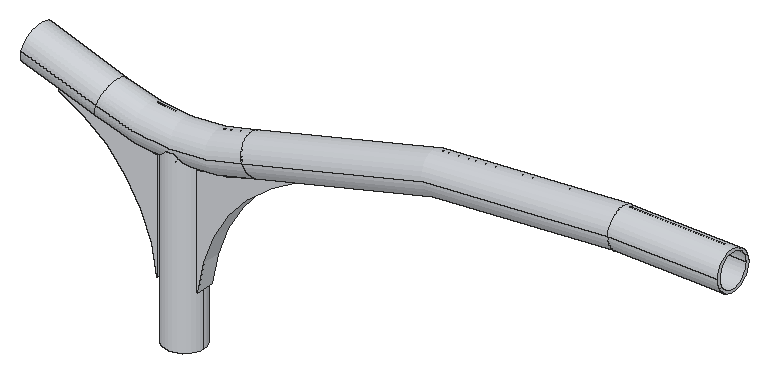
Revit family "Lighting-StreetLighting-GEWISS-STREET[O3]-SINGLE_HEAD_BRACKET", category Apparecchi per illuminazione, Revit 2019
Family settings
  Quota connettore circolare = Usa diametro
  Tipo di parte = Normale
  Numero OmniClass = 23.80.00.00
  Titolo OmniClass = Electric Power and Lighting
  Basato su piano di lavoro = Sì
  Sempre verticale = No
  Taglio con vuoti quando caricato = No
  Sorgente d'illuminazione = No
  Condiviso = No
  Punto di calcolo locali = No
Parameters (values of type "GW87581 - Galvanised steel - Grey - Single")
  Weight (kg): = "8"
  Weight (kg) = "8"
  Version file RFA = "20.11"
  URL = "https://www.gewiss.com/ww/en"
  Tubolare = none
  Technical sheet = "https://www.gewiss.com/ww/en/search?q=GW87581"
  Supporti = none
  SIMBOLO [instance] = yes
  SEO = "Bracket"
  Realized by GEWISS S.p.A. = ""
  Default Elevation = 1219.2 mm
  Produttore = "GEWISS S.p.A."
  Modello = "GW87581"
  Material = "Galvanised steel"
  Length = "1 m"
  L_staffa = 120 mm
  Immagine tipo = GW87581.jpg
  IFC.TypeObject = ""
  IFC.ExportType = ""
  IFC.ExportAs = ""
  IDT = "92612c42-9c0e-491e-a234-09077f2a4f14"
  IDF = "2fe635a5-cec3-4f8c-9283-e615bd95f4cd"
  Electrocod = "240"
  EAN code = "8011564783034"
  Dimensions (mm) = "Ø 60mm"
  Dimension = "Ø 60mm"
  Descrizione = "STREET SINGLE POLE HEAD BRACKET GR. GREY"
  Description: = "Single pole head bracket"
  Colour = "Graphite grey"
  Catalogue Range = "STREET [O3]"
  Catalogue = "LIGHTING"
  COBie.Tagnumber = ""
  COBie.CreatedOn = ""
  COBie.CreatebBy = ""
  COBie.ComponentRegisterItemID = ""
  COBie.Component.TagNumber = ""
  COBie.Component.Space = ""
  COBie.Component.SerialNumber = ""
  COBie.Component.InstallationDate = ""
  COBie.Component.Description = ""
  COBie.Component.BarCode = ""
  BIDIMENSIONALE [instance] = not(SIMBOLO)  # no
  Altezza da terra testa staffa = 821.938 mm
Reference planes
  plane 1 "Centro (Fronte/Retro)": y = 0
  plane 2: z = 0
  plane 3 "Centro (Sinistra/Destra)": x = 0
Forms (mm)
  Sweep 1, solid, material <- "Tubolare"
    path origin (0, 0, -775.338) x (1, 0, 0) y (0, 0, 1)
      loop
        line (1000, 1242.308) -> (800, 1242.308)
        arc (800, 1242.308) -> (461.796, 1213.505) -> (133.333, 1127.926) r 2000
        arc (133.333, 1127.926) -> (0, 1105.049) -> (-133.333, 1127.926) r 400
        arc (-133.333, 1127.926) -> (-201.283, 1150.589) -> (-270, 1170.805) r 2000
    profile origin (-201.283, 0, 375.251) x (-0.299359, 0, -0.954141) y (0, -1, 0)
      loop
        circle (0, 0) r 35
      loop
        circle (0, 0) r 31
  Sweep 2, solid, material <- "Tubolare"
    path origin (0, 0, -775.338) x (1, 0, 0) y (0, 0, 1)
      loop
        line (0, 1099.248) -> (0, 775.338)
    profile origin (0, 0, 161.955) x (0, -1, 0) y (1, 0, 0)
      loop
        circle (0, 0) r 35
      loop
        circle (0, 0) r 31
  Extrusion 3, solid, material <- "Supporti"
    sketch origin (0, 0, -775.338) x (1, 0, 0) y (0, 0, 1)
      loop
        arc (-143.667, 1098.699) -> (-178.509, 1110.652) -> (-213.569, 1121.951) r 1969
        line (-213.569, 1121.951) -> (-215.96, 1116.424)
        arc (-215.96, 1116.424) -> (-94.15, 1019.88) -> (-37, 875.338) r 300
        line (-37, 875.338) -> (-35, 875.338) -> (-35, 1075.473)
        arc (-35, 1075.473) -> (-90.085, 1083.569) -> (-143.667, 1098.699) r 431
      loop
        line (35, 1075.473) -> (35, 875.338) -> (37, 875.338)
        arc (37, 875.338) -> (94.15, 1019.88) -> (215.96, 1116.424) r 300
        line (215.96, 1116.424) -> (213.569, 1121.951)
        arc (213.569, 1121.951) -> (178.509, 1110.652) -> (143.667, 1098.699) r 1969
        arc (143.667, 1098.699) -> (90.085, 1083.569) -> (35, 1075.473) r 431
    from -16.126 to 16.209
Lines and regions (mm)
  Masking region 1
    outline origin (0, 0, -775.338) x (1, 0, 0) y (0, 0, 1)
      loop
        line (-35, 775.338) -> (35, 775.338) -> (35, 841.068)
        arc (35, 841.068) -> (84.314, 1005.806) -> (215.96, 1116.424) r 300
        arc (215.96, 1116.424) -> (489.277, 1184.436) -> (770, 1207.308) r 1734.187
        line (770, 1207.308) -> (1000, 1207.308) -> (1000, 1277.308) -> (769.834, 1277.308)
        arc (769.834, 1277.308) -> (447.097, 1246.76) -> (133.376, 1165.083) r 2024.176
        arc (133.376, 1165.083) -> (0.876, 1139.56) -> (-131.624, 1165.083) r 356.684
        line (-131.624, 1165.083) -> (-260.725, 1204.553) -> (-279.275, 1137.056) -> (-228.751, 1121.609)
        arc (-228.751, 1121.609) -> (-88.17, 1011.53) -> (-35.036, 841.068) r 300
        line (-35.036, 841.068) -> (-35, 775.338)
  Masking region 2
    outline origin (0, -0.002, -775.338) x (0, 1, 0) y (0, 0, 1)
      loop
        arc (35, 1242.308) -> (0, 1277.308) -> (-35, 1242.308) r 35
        line (-35, 1242.308) -> (-35, 775.338) -> (35, 775.338) -> (35, 1242.308)
  Masking region 3
    outline origin (0, -0.002, -775.338) x (0, 1, 0) y (0, 0, 1)
      loop
        line (-16.209, 1121.951) -> (-16.209, 875.338) -> (16.126, 875.338) -> (16.126, 1121.951) -> (-16.209, 1121.951)
  Masking region 4, visible <- "BIDIMENSIONALE"
    outline origin (0, 0, 0) x (1, 0, 0) y (0, 1, 0)
      loop
        spline (-270, 35) -> (-272.401, 33.807) -> (-274.637, 30.311) -> (-276.558, 24.749) -> (-278.032, 17.5) -> (-278.959, 9.059) -> (-279.275, 0) -> (-278.959, -9.059) -> (-278.032, -17.5) -> (-276.558, -24.749) -> (-274.637, -30.311) -> (-272.401, -33.807) -> (-270, -35)
        line (-270, -35) -> (1000, -35) -> (1000, 35) -> (-270, 35)
Dimensions and locks
  aligned and locked: level to plane 2
  aligned and locked: plane 3 "Centro (Sinistra/Destra)" to nested 1
  aligned and locked: plane 1 "Centro (Fronte/Retro)" to nested 1
  aligned and locked: Sweep 2 to level
  aligned and locked: level to Sweep 2
Nested families
  nested 1: "ACCPALO" at (0, 0, 0), visible <- "SIMBOLO", type "ACCPALO"
Definition of nested family "ACCPALO"
  Reference planes
    plane 1 "Centro (Fronte/Retro)": y = 0
    plane 2: z = 0
    plane 3 "Centro (Sinistra/Destra)": x = 0
  Lines and regions (mm)
    detail lines, in view "Livello rif."
      curve 1: spline (-17.247, 26.335, 0) -> (-16.659, 25.345, 0) -> (-14.936, 24.424, 0) -> (-12.195, 23.632, 0) -> (-8.623, 23.025, 0) -> (-4.464, 22.643, 0) -> (0, 22.513, 0) -> (4.464, 22.643, 0) -> (8.623, 23.025, 0) -> (12.195, 23.632, 0) -> (14.936, 24.424, 0) -> (16.659, 25.345, 0) -> (17.247, 26.335, 0) -> (16.659, 27.324, 0) -> (14.936, 28.245, 0) -> (12.195, 29.037, 0) -> (8.623, 29.644, 0) -> (4.464, 30.026, 0) -> (0, 30.156, 0) -> (-4.464, 30.026, 0) -> (-8.623, 29.644, 0) -> (-12.195, 29.037, 0) -> (-14.936, 28.245, 0) -> (-16.659, 27.324, 0) -> (-17.247, 26.335, 0)
      curve 2: spline (-17.266, -26.469, 0) -> (-14.61, -27.838, 0) -> (-11.877, -28.965, 0) -> (-9.078, -29.846, 0) -> (-6.224, -30.478, 0) -> (-3.325, -30.859, 0) -> (-0.393, -30.986, 0) -> (2.562, -30.86, 0) -> (5.527, -30.481, 0) -> (8.491, -29.85, 0) -> (11.443, -28.969, 0) -> (14.372, -27.843, 0) -> (17.266, -26.475, 0)
      curve 3: line (-85.401, -52.093, 0) -> (85.401, -52.093, 0)
      curve 4: line (85.401, -52.093, 0) -> (85.401, 52.093, 0)
      curve 5: line (85.401, 52.093, 0) -> (-85.401, 52.093, 0)
      curve 6: line (-85.401, 52.093, 0) -> (-85.401, -52.093, 0)
      curve 7: line (-17.266, -26.469, 0) -> (-17.266, 26.335, 0)
      curve 8: line (17.266, -26.475, 0) -> (17.266, 26.335, 0)
